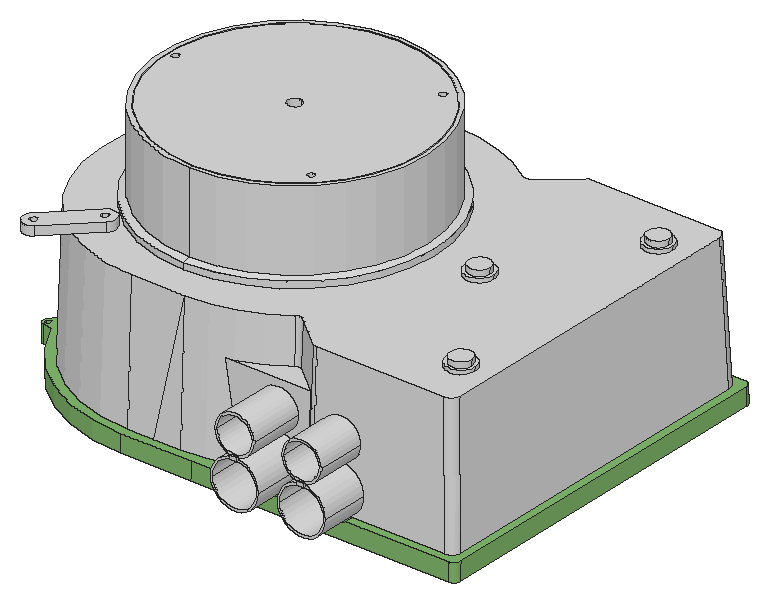
Revit family "E_Cable Junction Box_F_MEPcontent_Spelsberg_IBTronic XL Drillbox 150_INT-EN", category Electrical Fixtures, host Face, Revit 2017
Family settings
  Host = Face
  Maintain Annotation Orientation = Yes
  Round Connector Dimension = Use Diameter
  Part Type = Junction Box
  OmniClass Number = 23.80.30.14.24
  OmniClass Title = Junction Boxes
  Cut with Voids When Loaded = No
  Shared = No
  Room Calculation Point = No
Parameters (values of type "IBTronic XL Drillbox 150")
  Width = 252 mm
  Voltage = 230 V  # constant formula
  URL = ""
  Side Offset = 2.2 mm
  Side Distance = 11.3 mm
  Rotation W-Axis Total [instance] = [Rotation W-Axis Correction] + [Rotation W-Axis]  # 0.00°
  Rotation W-Axis Default Correction = 0.00°
  Rotation W-Axis Correction = 0.00°
  Rotation W-Axis [instance] = 0.00°
  Rotation V-Axis Total [instance] = [Rotation V-Axis Correction] + [Rotation V-Axis]  # 0.00°
  Rotation V-Axis Default Correction = 0.00°
  Rotation V-Axis Correction = 0.00°
  Rotation V-Axis [instance] = 0.00°
  Rotation U-Axis Total [instance] = [Rotation U-Axis Correction] + [Rotation U-Axis]  # 0.00°
  Rotation U-Axis Default Correction = 0.00°
  Rotation U-Axis Correction = 0.00°
  Rotation U-Axis [instance] = 0.00°
  Revit Version = "2017"  # constant formula
  Product Line = "Spelsberg"  # constant formula
  Power [instance] = 0 VA
  Placeholder Height [instance] = if(or(Bottom Offset < 50 mm, Bottom Offset = 50 mm), 45 mm, if(or(Bottom Offset = 75 mm, Bottom Offset > 75 mm), 70 mm, Bottom Offset - 5 mm))  # 45 mm
  Model = "IBTronic XL Drillbox 150"
  Manufacturer URL = "http://www.spelsberg.com/p/97680401"
  Manufacturer Art. No. = "97680401"
  Manufacturer = "Spelsberg"  # constant formula
  Length = 280 mm
  IFCExportType = "NOTDEFINED"  # constant formula
  IFCExportAs = "IfcJunctionBox"  # constant formula
  Height = 92 mm
  ETIM Article Class = "EC000414"  # constant formula
  Description = "Enclosure IBTronic XL Drillbox"
  Default Elevation = 0 mm
  Conduit Diameter 2 = 25 mm
  Conduit Diameter 1 = 20 mm
  Bottom Offset [instance] = 50 mm
  Article Type = "IBTronic XL Drillbox 150"
  Article Description = "Enclosure IBTronic XL Drillbox"
  3D Representation = 3DGeometry : 3DGeometry
Types (2, lengths in mm): name | Side Offset | Side Distance | Model | Manufacturer Art. No. | Description | Conduit Diameter 2 | Conduit Diameter 1 | Bottom Offset | Article Type | Article Description
  IBTronic XL Drillbox 150 | 2.2 | 11.3 | "IBTronic XL Drillbox 150" | "97680401" | "Enclosure IBTronic XL Drillbox" | 25 | 20 | 50 | "IBTronic XL Drillbox 150" | "Enclosure IBTronic XL Drillbox"
  IBTronic XL Drillbox 150 E | 6 | 11.8 | "IBTronic XL Drillbox 150 E" | "97680402" | "Enclosure IBTronic XL Drillbox E" | 19 | 16 | 0 | "IBTronic XL Drillbox 150 E" | "Enclosure IBTronic XL Drillbox E"
Reference planes
  plane 1 "Center (Front/Back)": y = 0
  plane 2: z = 0
  plane 3 "Center (Left/Right)": x = 0
  plane 4: y = 105
  plane 5: y = -105
  plane 6: x = 66.5
  plane 7: x = 104.5
Dimensions and locks
  plane 5 to plane 1 "Center (Front/Back)" to plane 4 = 105 mm locked, 105 mm locked
  aligned and locked: plane 2 to host face
  aligned and locked: level to host face
Nested families
  nested 1: "3DGeometry" at (-0.354, -2.223, -45) x (1, 0, 0) z (0, 0, -1), type <- "3D Representation", Bottom Offset <- "Bottom Offset", Conduit Diameter 1 <- "Conduit Diameter 1", Conduit Diameter 2 <- "Conduit Diameter 2", Side <- "Side Offset", type "3DGeometry"
    with Side 2.2 mm, Conduit Outer Diameter 2 27.2 mm, Conduit Outer Diameter 1 22.2 mm, Conduit Diameter 2 25 mm, Conduit Diameter 1 20 mm, Bottom Offset Safe 50 mm, Bottom Offset 50 mm
  nested 2: "GeometryPlaceholder" at (0, 0, 0), Rotation v-axis <- "Rotation V-Axis Total", Rotation w-axis <- "Rotation W-Axis Total", Rotation u-axis <- "Rotation U-Axis Total", Height <- "Placeholder Height", type "GeometryPlaceholder", not visible
    with Width 10 mm, Rotation w-axis 0.00°, Rotation v-axis 0.00°, Rotation u-axis 0.00°, ModelBaseAngle 0.00°, Length 10 mm, Height 45 mm
Connectors
  cabletrayconduit at (66.146, 102.777, -90.007), diameter 20, driven by "Conduit Diameter 1"
    settings: on nested 1, index 3, connector width 300 mm, connector height 300 mm, connector angle 0.00°, system type 32, placement type 0, profile type 0, connector reference index -1, is primary connector yes, connector utility param no, connector description "Conduit Individual Connector1"
  cabletrayconduit at (104.146, 102.777, -90.007), diameter 20, driven by "Conduit Diameter 1"
    settings: on nested 1, index 4, connector width 300 mm, connector height 300 mm, connector angle 0.00°, system type 32, placement type 0, profile type 0, connector reference index -1, is primary connector no, connector utility param no, connector description "Conduit Individual Connector2"
  cabletrayconduit at (104.146, -107.223, -90.007), diameter 20, driven by "Conduit Diameter 1"
    settings: on nested 1, index 5, connector width 300 mm, connector height 300 mm, connector angle 0.00°, system type 32, placement type 0, profile type 0, connector reference index -1, is primary connector no, connector utility param no, connector description "Conduit Individual Connector3"
  cabletrayconduit at (66.146, -107.223, -90.007), diameter 20, driven by "Conduit Diameter 1"
    settings: on nested 1, index 6, connector width 300 mm, connector height 300 mm, connector angle 0.00°, system type 32, placement type 0, profile type 0, connector reference index -1, is primary connector no, connector utility param no, connector description "Conduit Individual Connector4"
  cabletrayconduit at (66.146, 102.777, -115), diameter 25, driven by "Conduit Diameter 2"
    settings: on nested 1, index 7, connector width 300 mm, connector height 300 mm, connector angle 0.00°, system type 32, placement type 0, profile type 0, connector reference index -1, is primary connector no, connector utility param no, connector description "Conduit Individual Connector5"
  cabletrayconduit at (104.146, 102.777, -115), diameter 25, driven by "Conduit Diameter 2"
    settings: on nested 1, index 8, connector width 300 mm, connector height 300 mm, connector angle 0.00°, system type 32, placement type 0, profile type 0, connector reference index -1, is primary connector no, connector utility param no, connector description "Conduit Individual Connector6"
  cabletrayconduit at (104.146, -107.223, -115), diameter 25, driven by "Conduit Diameter 2"
    settings: on nested 1, index 9, connector width 300 mm, connector height 300 mm, connector angle 0.00°, system type 32, placement type 0, profile type 0, connector reference index -1, is primary connector no, connector utility param no, connector description "Conduit Individual Connector7"
  cabletrayconduit at (66.146, -107.223, -115), diameter 25, driven by "Conduit Diameter 2"
    settings: on nested 1, index 10, connector width 300 mm, connector height 300 mm, connector angle 0.00°, system type 32, placement type 0, profile type 0, connector reference index -1, is primary connector no, connector utility param no, connector description "Conduit Individual Connector8"
Definition of nested family "3DGeometry"
  Parameters (values of type "3DGeometry")
    White = none
    Type Comments = "﻿﻿ ﻿ ﻿﻿﻿﻿﻿﻿             ﻿     ﻿                ﻿  ﻿  ﻿​     ​​  ​​   ​​   ﻿﻿     ​      ​​  ​​      ﻿    ﻿﻿        ﻿ ﻿          ﻿﻿"
    Side Offset = 11.3 mm
    Side [instance] = 2.5 mm
    Keynote = "﻿﻿ ﻿ ﻿﻿﻿﻿﻿﻿             ﻿     ﻿                ﻿  ﻿  ﻿​     ​​  ​​   ​​   ﻿﻿     ​      ​​  ​​      ﻿    ﻿﻿        ﻿ ﻿          ﻿﻿"
    Green = none
    Conduit Outer Diameter 2 [instance] = Conduit Diameter 2 + 2.2 mm  # 27.2 mm
    Conduit Outer Diameter 1 [instance] = Conduit Diameter 1 + 2.2 mm  # 22.2 mm
    Conduit Diameter 2 [instance] = 25 mm
    Conduit Diameter 1 [instance] = 20 mm
    Bottom Offset [instance] = 50 mm
    Description = "﻿﻿ ﻿ ﻿﻿﻿﻿﻿﻿             ﻿     ﻿                ﻿  ﻿  ﻿​     ​​  ​​   ​​   ﻿﻿     ​      ​​  ​​      ﻿    ﻿﻿        ﻿ ﻿          ﻿﻿"
    Default Elevation = 0 mm
    Bottom Offset Safe [instance] = if(Bottom Offset < 50 mm, 50 mm, if(Bottom Offset > 75 mm, 75 mm, Bottom Offset))  # 50 mm
    Assembly Code = "﻿﻿ ﻿ ﻿﻿﻿﻿﻿﻿             ﻿     ﻿                ﻿  ﻿  ﻿​     ​​  ​​   ​​   ﻿﻿     ​      ​​  ​​      ﻿    ﻿﻿        ﻿ ﻿          ﻿﻿"
  Reference planes
    plane 1 "Center (Front/Back)": y = 0
    plane 2: z = 0
    plane 3 "Center (Left/Right)": x = 0
    plane 4: through (-99.791, 45.102, 1135) normal (0.4226, 0.9063, 0)
    plane 5: through (-99.791, -45.102, 1135) normal (-0.4226, 0.9063, 0)
    plane 6: x = 66.5
    plane 7: x = 104.5
    plane 8: z = 70
    plane 9: z = 45.007
    plane 10: z = -45
    plane 11: z = 5
    plane 12: x = -105
    plane 13: x = 175
    plane 14: z = -32.5
    plane 15: z = 56.307
    plane 16: z = 57.557
    plane 17: z = 55.057
  Forms (mm)
    Extrusion 1, solid
      sketch origin (0, 0, 0) x (1, 0, 0) y (0, 1, 0)
        loop
          line (-1219.2, 1219.2) -> (-1219.2, -1219.2) -> (1219.2, -1219.2) -> (1219.2, 1219.2) -> (-1219.2, 1219.2)
      from 0 to -304.8
    Extrusion 2, solid, material <- "Green", detail levels fine
      sketch origin (25, 35.905, 77.282) x (-1, 0, 0) y (0, 1, 0)
        loop
          arc (-146.04, 69.095) -> (-148.84, 67.935) -> (-150, 65.135) r 3.96
          line (-150, 65.135) -> (-150, -136.945)
          arc (-150, -136.945) -> (-148.84, -139.745) -> (-146.04, -140.905) r 3.96
          line (-146.04, -140.905) -> (39.969, -140.905)
          arc (39.969, -140.905) -> (88.989, -126.389) -> (122.203, -87.524) r 90.031
          arc (122.203, -87.524) -> (122.717, -86.78) -> (123.516, -86.356) r 1.914
          line (123.516, -86.356) -> (128.333, -85.433)
          arc (128.333, -85.433) -> (130.678, -83.314) -> (130, -80.228) r 3.147
          line (130, -80.228) -> (127.523, -75.828)
          arc (127.523, -75.828) -> (127.125, -74.459) -> (127.23, -73.036) r 4.026
          arc (127.23, -73.036) -> (129.32, -62.043) -> (130, -50.874) r 88.148
          line (130, -50.874) -> (130, -20.936)
          arc (130, -20.936) -> (129.305, -9.768) -> (127.23, 1.226) r 90.031
          arc (127.23, 1.226) -> (127.125, 2.649) -> (127.523, 4.018) r 4.026
          line (127.523, 4.018) -> (130, 8.642)
          arc (130, 8.642) -> (130.517, 11.523) -> (128.333, 13.473) r 3
          line (128.333, 13.473) -> (123.516, 14.546)
          arc (123.516, 14.546) -> (122.717, 14.97) -> (122.203, 15.714) r 1.914
          arc (122.203, 15.714) -> (88.989, 54.58) -> (39.969, 69.095) r 90.031
          line (39.969, 69.095) -> (0, 69.095) -> (-146.04, 69.095)
        loop
          circle (127.681, 10.545) r 1.5
        loop
          circle (127.681, -82.355) r 1.5
      from -14.718 to -4.718
    Revolve 3, solid, material <- "White", detail levels fine
      sketch origin (0, 0, 128.408) x (0, 1, 0) y (0, 0, 1)
        loop
          line (-75, -173.408) -> (-72.5, -173.408) -> (-72.5, -123.408) -> (-78.883, -123.408) -> (-78.883, -127.025) -> (-75, -128.25) -> (-75, -173.408)
        axis (0, -173.408) -> (0, -123.408)
      angle from 0 to 360
    Blend 4, solid, material <- "White", detail levels fine
      base sketch origin (0, 35.905, 77.408) x (-1, 0, 0) y (0, -1, 0)
        loop
          line (-15, -61.095) -> (15, -61.095)
          arc (15, -61.095) -> (72.983, -37.078) -> (97, 20.905) r 82
          line (97, 20.905) -> (97, 35.905) -> (97, 50.905)
          arc (97, 50.905) -> (72.983, 108.888) -> (15, 132.905) r 82
          line (15, 132.905) -> (-15, 132.905)
          arc (-15, 132.905) -> (-40.837, 128.728) -> (-64.043, 116.623) r 82
          arc (-64.043, 116.623) -> (-66.461, 115.934) -> (-68.917, 116.47) r 5.159
          line (-68.917, 116.47) -> (-87.866, 132.405)
          arc (-87.866, 132.405) -> (-88.766, 132.778) -> (-89.732, 132.905) r 3.732
          line (-89.732, 132.905) -> (-162, 132.905)
          arc (-162, 132.905) -> (-165.536, 131.44) -> (-167, 127.905) r 5
          line (-167, 127.905) -> (-167, -56.095)
          arc (-167, -56.095) -> (-165.536, -59.631) -> (-162, -61.095) r 5
          line (-162, -61.095) -> (-89.726, -61.095)
          arc (-89.726, -61.095) -> (-88.76, -60.968) -> (-87.86, -60.595) r 3.732
          line (-87.86, -60.595) -> (-68.89, -44.633)
          arc (-68.89, -44.633) -> (-66.503, -44.013) -> (-64.145, -44.736) r 4.529
          arc (-64.145, -44.736) -> (-40.898, -56.898) -> (-15, -61.095) r 82
      top sketch origin (0, 35.905, 77.408) x (-1, 0, 0) y (0, -1, 0)
        loop
          arc (15, -64.095) -> (75.104, -39.199) -> (100, 20.905) r 85
          line (100, 20.905) -> (100, 35.905) -> (100, 50.905)
          arc (100, 50.905) -> (75.104, 111.009) -> (15, 135.905) r 85
          line (15, 135.905) -> (0, 135.905) -> (-15, 135.905)
          arc (-15, 135.905) -> (-41.783, 131.575) -> (-65.837, 119.027) r 85
          arc (-65.837, 119.027) -> (-66.534, 118.738) -> (-67.231, 119.027) r 0.986
          line (-67.231, 119.027) -> (-85.982, 134.764)
          arc (-85.982, 134.764) -> (-87.772, 135.613) -> (-89.732, 135.905) r 6.732
          line (-89.732, 135.905) -> (-165, 135.905)
          arc (-165, 135.905) -> (-168.536, 134.44) -> (-170, 130.905) r 5
          line (-170, 130.905) -> (-170, -59.095)
          arc (-170, -59.095) -> (-168.536, -62.631) -> (-165, -64.095) r 5
          line (-165, -64.095) -> (-89.726, -64.095)
          arc (-89.726, -64.095) -> (-87.766, -63.804) -> (-85.977, -62.954) r 6.732
          line (-85.977, -62.954) -> (-67.231, -47.217)
          arc (-67.231, -47.217) -> (-66.534, -46.928) -> (-65.837, -47.217) r 0.986
          arc (-65.837, -47.217) -> (-41.783, -59.765) -> (-15, -64.095) r 85
          line (-15, -64.095) -> (0, -64.095) -> (15, -64.095)
      from -72.408 to 4.592
    Extrusion 5, solid, material <- "White", detail levels fine
      sketch origin (0, 0, -45) x (1, 0, 0) y (0, 0, 1)
        loop
          circle (66.5, 90.007) r 11.1
        loop
          circle (66.5, 90.007) r 10
      from 94.355 to 126
    Extrusion 6, solid, material <- "White", detail levels fine
      sketch origin (0, 0, -45) x (1, 0, 0) y (0, 0, 1)
        loop
          circle (104.5, 115) r 13.6
        loop
          circle (104.5, 115) r 12.5
      from 98.216 to 126
    Extrusion 7, solid, material <- "White", detail levels fine
      sketch origin (0, 0, -45) x (1, 0, 0) y (0, 0, 1)
        loop
          circle (66.5, 115) r 13.6
        loop
          circle (66.5, 115) r 12.5
      from 94.355 to 126
    Extrusion 8, solid, material <- "White", detail levels fine
      sketch origin (0, 35.905, 77.408) x (-1, 0, 0) y (0, -1, 0)
        loop
          line (-84.11, 130.259) -> (-67.24, 116.101)
          arc (-67.24, 116.101) -> (-66.543, 115.812) -> (-65.845, 116.101) r 0.986
          arc (-65.845, 116.101) -> (-51.779, 124.614) -> (-36.336, 130.259) r 85
          line (-36.336, 130.259) -> (-84.11, 130.259)
      from -47.408 to 4.592
    Extrusion 9, solid, material <- "White", detail levels fine
      sketch origin (0, 0, -45) x (1, 0, 0) y (0, 0, -1)
        loop
          circle (66.5, -90.007) r 11.1
        loop
          circle (66.5, -90.007) r 10
      from 95 to 126
    Extrusion 10, solid, material <- "White", detail levels fine
      sketch origin (0, 0, -45) x (1, 0, 0) y (0, 0, -1)
        loop
          circle (66.5, -115) r 13.6
        loop
          circle (66.5, -115) r 12.5
      from 95 to 126
    Extrusion 11, solid, material <- "White", detail levels fine
      sketch origin (0, 0, -45) x (1, 0, 0) y (0, 0, -1)
        loop
          circle (104.5, -115) r 13.6
        loop
          circle (104.5, -115) r 12.5
      from 97 to 126
    Extrusion 12, solid, material <- "White", detail levels fine
      sketch origin (0, 0, -45) x (1, 0, 0) y (0, 0, 1)
        loop
          circle (104.5, 90.007) r 11.1
        loop
          circle (104.5, 90.007) r 10
      from -126 to -95.5
    Extrusion 13, solid, material <- "White", detail levels fine
      sketch origin (0, 35.905, 77.408) x (-1, 0, 0) y (0, -1, 0)
        loop
          circle (-150, -34.005) r 6
        loop
          circle (-150, 105.815) r 6
        loop
          circle (-104.5, 35.905) r 6
      from -77.408 to -74.408
    Extrusion 14, solid, material <- "White", detail levels fine
      sketch origin (0, 35.905, 77.408) x (-1, 0, 0) y (0, -1, 0)
        loop
          circle (-150, -34.005) r 8
        loop
          circle (-150, 105.815) r 8
        loop
          circle (-104.5, 35.905) r 8
      from -74.408 to -72.408
    Extrusion 15, solid, material <- "White", detail levels fine
      sketch origin (0.315, -35.259, 77.408) x (1, 0, 0) y (0, 1, 0)
        loop
          line (84.11, 130.259) -> (36.336, 130.259)
          arc (36.336, 130.259) -> (51.779, 124.614) -> (65.845, 116.101) r 85
          arc (65.845, 116.101) -> (66.543, 115.812) -> (67.24, 116.101) r 0.986
          line (67.24, 116.101) -> (84.11, 130.259)
      from -47.408 to 4.592
    Extrusion 16, solid, material <- "White", detail levels fine
      sketch origin (0, 0, -45) x (1, 0, 0) y (0, 0, 1)
        loop
          circle (104.5, 90.007) r 11.1
        loop
          circle (104.5, 90.007) r 10
      from 95.5 to 126
    Extrusion 17, void
      sketch origin (-370.203, -105, 1155) x (1, 0, 0) y (0, 0, 1)
        loop
          line (429.492, -1073) -> (443.914, -1073) -> (445.152, -1073)
          arc (445.152, -1073) -> (436.751, -1070.427) -> (428.35, -1073) r 15
          line (428.35, -1073) -> (429.492, -1073)
      from -210 to 0
    Extrusion 18, void
      sketch origin (-332.203, -105, 1155) x (1, 0, 0) y (0, 0, 1)
        loop
          arc (445.152, -1073) -> (436.751, -1070.427) -> (428.35, -1073) r 15
          line (428.35, -1073) -> (445.152, -1073)
      from -210 to 0
    Extrusion 19, solid, material <- "White", detail levels fine
      sketch origin (104.5, -1524, 146.212) x (0, 0, 1) y (0, -1, 0)
        loop
          line (-88.655, -1398) -> (-88.655, -1397) -> (-91.155, -1397) -> (-91.155, -1651) -> (-88.655, -1651) -> (-88.655, -1398)
      from -2 to 2
    Extrusion 20, solid, material <- "White", detail levels fine
      sketch origin (66.5, -1524, 146.212) x (0, 0, 1) y (0, -1, 0)
        loop
          line (-91.155, -1397) -> (-91.155, -1651) -> (-88.655, -1651) -> (-88.655, -1397) -> (-91.155, -1397)
      from -2 to 2
    Extrusion 21, solid, detail levels coarse+medium
      sketch origin (0, 0, 0) x (1, 0, 0) y (0, 1, 0)
        loop
          circle (0, 0) r 75
      from 5 to -45
    Extrusion 22, solid, detail levels coarse+medium
      sketch origin (-97, -4572, 5) x (0, -1, 0) y (-1, 0, 0)
        loop
          line (-4677, -272) -> (-4467, -272) -> (-4467, -82.031)
          arc (-4467, -82.031) -> (-4483.467, -30.128) -> (-4526.844, 2.789) r 90.031
          arc (-4526.844, 2.789) -> (-4541.714, 6.688) -> (-4557.031, 8) r 90.031
          line (-4557.031, 8) -> (-4586.969, 8)
          arc (-4586.969, 8) -> (-4602.286, 6.688) -> (-4617.156, 2.789) r 90.031
          arc (-4617.156, 2.789) -> (-4660.533, -30.128) -> (-4677, -82.031) r 90.031
          line (-4677, -82.031) -> (-4677, -122) -> (-4677, -272)
      from 0 to -87
    Extrusion 23, solid, material <- "White", detail levels fine
      sketch origin (-77.5, -4572, -45) x (0, -1, 0) y (-1, 0, 0)
        loop
          circle (-4572, -77.5) r 72.5
        loop
          circle (-4572, -77.5) r 4
        loop
          circle (-4572, -9.631) r 2
        loop
          circle (-4618.598, -124.098) r 2
        loop
          circle (-4525.402, -124.098) r 2
      from 0 to -12.5
    Extrusion 24, solid, material <- "White", detail levels fine
      sketch origin (0, 0, 0) x (1, 0, 0) y (0, 1, 0)
        loop
          line (-56.335, -65.273) -> (-78.869, -87.807)
          arc (-78.869, -87.807) -> (-78.869, -96.242) -> (-70.434, -96.242) r 5.965
          line (-70.434, -96.242) -> (-47.9, -73.708)
          arc (-47.9, -73.708) -> (-47.9, -65.273) -> (-56.335, -65.273) r 5.965
        loop
          circle (-52.117, -69.49) r 2
        loop
          circle (-74.651, -92.024) r 2
        loop
          arc (-56.335, 65.273) -> (-47.9, 65.273) -> (-47.9, 73.708) r 5.965
          line (-47.9, 73.708) -> (-70.434, 96.242)
          arc (-70.434, 96.242) -> (-78.869, 96.242) -> (-78.869, 87.807) r 5.965
          line (-78.869, 87.807) -> (-56.335, 65.273)
        loop
          circle (-52.117, 69.49) r 2
        loop
          circle (-74.651, 92.024) r 2
      from 0 to 5
    Extrusion 25, solid, detail levels coarse+medium
      sketch origin (0, 0, 0) x (1, 0, 0) y (0, 0, 1)
        loop
          circle (66.5, 70) r 13.6
        loop
          circle (104.5, 70) r 13.6
        loop
          circle (66.5, 45.007) r 11.1
        loop
          circle (104.5, 45.007) r 11.1
      from -105 to 105
  Cuts and joins
    Extrusion 17, Extrusion 18 cuts Extrusion 2
  Dimensions and locks
    Extrusion 11 to Extrusion 6 = 252 mm
    cut or joined group of Extrusion 2, Extrusion 17, Extrusion 18 to Blend 4 = 87 mm
    plane 6 to plane 3 "Center (Left/Right)" = 66.5 mm
    plane 6 to plane 7 = 38 mm
    plane 9 to Blend 4 = 40.007 mm
    plane 8 to plane 9 = 24.993 mm
    locked: plane 11 to plane 2 at 5
    "Bottom Offset Safe": plane 11 to plane 10
    plane 12 to plane 13 = 280 mm
    cut or joined group of Extrusion 2, Extrusion 17, Extrusion 18 to cut or joined group of Extrusion 2, Extrusion 17, Extrusion 18 = 210 mm
    locked: plane 14 to plane 10 at 12.5
    "Side Offset": plane 15 to plane 9
    equal spacing: plane 16, plane 15, plane 17
    "Side": plane 16 to plane 17
    radius of Extrusion 13 sketch curve = 6 mm  (x3)
    radius of Extrusion 14 sketch curve = 8 mm  (x2)
    "Conduit Diameter 2": diameter of Extrusion 7 sketch curve
    "Conduit Diameter 2": diameter of Extrusion 6 sketch curve
    "Conduit Diameter 2": diameter of Extrusion 10 sketch curve
    "Conduit Diameter 2": diameter of Extrusion 11 sketch curve
    "Conduit Diameter 1": diameter of Extrusion 5 sketch curve
    "Conduit Diameter 1": diameter of Extrusion 9 sketch curve
    "Conduit Diameter 1": diameter of Extrusion 16 sketch curve
    "Conduit Diameter 1": diameter of Extrusion 12 sketch curve
    "Conduit Outer Diameter 2": diameter of Extrusion 7 sketch curve
    "Conduit Outer Diameter 2": diameter of Extrusion 6 sketch curve
    "Conduit Outer Diameter 1": diameter of Extrusion 16 sketch curve
    "Conduit Outer Diameter 1": diameter of Extrusion 5 sketch curve
    "Conduit Outer Diameter 2": diameter of Extrusion 11 sketch curve
    "Conduit Outer Diameter 2": diameter of Extrusion 10 sketch curve
    "Conduit Outer Diameter 1": diameter of Extrusion 9 sketch curve
    "Conduit Outer Diameter 1": diameter of Extrusion 12 sketch curve
    "Conduit Outer Diameter 2": diameter of Extrusion 25 sketch curve  (x2)
    "Conduit Outer Diameter 1": diameter of Extrusion 25 sketch curve  (x2)
    aligned and locked: plane 2 to Extrusion 1
    aligned and locked: level to Extrusion 1
    aligned and locked: Extrusion 5 to Extrusion 8
    aligned and locked: Extrusion 10 to Extrusion 9  (x2)
    aligned and locked: Extrusion 7 to Extrusion 5  (x2)
    aligned and locked: Extrusion 5 to Extrusion 6
    aligned and locked: Extrusion 13 to Extrusion 14
    aligned and locked: Extrusion 11 to Extrusion 12
    aligned and locked: Blend 4 to Extrusion 11
    aligned and locked: Extrusion 10 to Extrusion 15
    aligned and locked: Extrusion 5 to Extrusion 16
    aligned and locked: Extrusion 7 to Extrusion 6
    aligned and locked: Extrusion 6 to Extrusion 16
    aligned and locked: Blend 4 to Extrusion 8
    aligned and locked: Extrusion 23 to plane 14
    aligned and locked: plane 16 to Extrusion 20
    aligned and locked: Extrusion 20 to plane 17
    aligned and locked: plane 16 to Extrusion 19
    aligned and locked: Extrusion 19 to plane 17
    aligned and locked: plane 10 to Extrusion 21
  Automatic sketch dimensions
    Extrusion 1 sketch curve to Extrusion 1 sketch curve = 2438.4 mm  (x2)
    plane 1 "Center (Front/Back)" to Blend 4 sketch curve = 0 mm  (x2)
    Blend 4 sketch curve to plane 7 = 62.5 mm
    Blend 4 sketch curve to Blend 4 sketch curve = 5 mm  (x3)
    plane 7 to Blend 4 sketch curve = 14.768 mm
    plane 7 to Blend 4 sketch curve = 14.774 mm
    Blend 4 sketch curve to Blend 4 sketch curve = 1.866 mm  (x2)
    Blend 4 sketch curve to plane 6 = 2.417 mm
    Blend 4 sketch curve to plane 6 = 2.39 mm
    Blend 4 sketch curve to plane 6 = 0.122 mm
    Blend 4 sketch curve to plane 6 = 0.101 mm
    plane 3 "Center (Left/Right)" to Blend 4 sketch curve = 15 mm  (x3)
    Blend 4 sketch curve to plane 3 "Center (Left/Right)" = 15 mm  (x3)
    plane 1 "Center (Front/Back)" to Blend 4 sketch curve = 15 mm  (x4)
    Blend 4 sketch curve to Blend 4 sketch curve = 82 mm
    Blend 4 sketch curve to plane 1 "Center (Front/Back)" = 15 mm  (x4)
    Blend 4 sketch curve to Blend 4 sketch curve = 16.462 mm
    Blend 4 sketch curve to Blend 4 sketch curve = 3.909 mm
    Blend 4 sketch curve to plane 1 "Center (Front/Back)" = 92 mm
    Blend 4 sketch curve to Blend 4 sketch curve = 3.732 mm  (x2)
    Blend 4 sketch curve to Blend 4 sketch curve = 16.435 mm
    Blend 4 sketch curve to Blend 4 sketch curve = 4.62 mm
    plane 1 "Center (Front/Back)" to Blend 4 sketch curve = 92 mm
    Blend 4 sketch curve to plane 3 "Center (Left/Right)" = 0 mm  (x2)
    Blend 4 sketch curve to Blend 4 sketch curve = 15 mm  (x2)
    Blend 4 sketch curve to plane 6 = 0.034 mm  (x2)
    Blend 4 sketch curve to plane 6 = 0.731 mm  (x2)
    plane 7 to Blend 4 sketch curve = 18.523 mm
    plane 7 to Blend 4 sketch curve = 18.518 mm
    Blend 4 sketch curve to Blend 4 sketch curve = 3.749 mm  (x2)
    Blend 4 sketch curve to plane 7 = 60.5 mm  (x2)
    Blend 4 sketch curve to Blend 4 sketch curve = 85 mm
    Blend 4 sketch curve to Blend 4 sketch curve = 16.878 mm  (x2)
    Blend 4 sketch curve to Blend 4 sketch curve = 0.697 mm  (x2)
    Blend 4 sketch curve to Blend 4 sketch curve = 10.146 mm  (x2)
    Blend 4 sketch curve to Blend 4 sketch curve = 1.732 mm  (x2)
    Extrusion 8 sketch curve to plane 6 = 17.61 mm
    Extrusion 8 sketch curve to plane 6 = 0.74 mm
    Extrusion 8 sketch curve to plane 6 = 0.043 mm
    plane 6 to Extrusion 8 sketch curve = 30.164 mm
    plane 3 "Center (Left/Right)" to Extrusion 8 sketch curve = 15.008 mm
    plane 1 "Center (Front/Back)" to Extrusion 8 sketch curve = 12.074 mm
    plane 1 "Center (Front/Back)" to Extrusion 8 sketch curve = 80.196 mm
    Extrusion 8 sketch curve to Extrusion 8 sketch curve = 0.697 mm
    Extrusion 8 sketch curve to Extrusion 8 sketch curve = 13.461 mm
    plane 1 "Center (Front/Back)" to Extrusion 13 sketch curve = 0 mm
    Extrusion 13 sketch curve to plane 7 = 0 mm
    Extrusion 13 sketch curve to plane 7 = 45.5 mm  (x2)
    Extrusion 13 sketch curve to plane 1 "Center (Front/Back)" = 69.91 mm
    plane 1 "Center (Front/Back)" to Extrusion 13 sketch curve = 69.91 mm
    plane 1 "Center (Front/Back)" to Extrusion 14 sketch curve = 0 mm
    Extrusion 14 sketch curve to plane 7 = 0 mm
    Extrusion 14 sketch curve to plane 7 = 45.5 mm  (x2)
    Extrusion 14 sketch curve to plane 1 "Center (Front/Back)" = 69.91 mm
    plane 1 "Center (Front/Back)" to Extrusion 14 sketch curve = 69.91 mm
    plane 3 "Center (Left/Right)" to Extrusion 15 sketch curve = 15.323 mm
    plane 6 to Extrusion 15 sketch curve = 29.849 mm
    Extrusion 15 sketch curve to plane 6 = 0.357 mm
    Extrusion 15 sketch curve to Extrusion 15 sketch curve = 0.697 mm  (x2)
    Extrusion 15 sketch curve to plane 6 = 17.925 mm
    Extrusion 15 sketch curve to plane 1 "Center (Front/Back)" = 12.719 mm
    Extrusion 15 sketch curve to plane 1 "Center (Front/Back)" = 80.841 mm
    Extrusion 15 sketch curve to Extrusion 15 sketch curve = 13.461 mm
    Extrusion 18 sketch curve to plane 7 = 8.448 mm
    Extrusion 18 sketch curve to plane 7 = 0.047 mm
    Extrusion 18 sketch curve to plane 8 = 0.427 mm
    plane 8 to Extrusion 18 sketch curve = 12 mm
    plane 6 to Extrusion 17 sketch curve = 7.211 mm
    Extrusion 17 sketch curve to Extrusion 17 sketch curve = 1.142 mm
    Extrusion 17 sketch curve to plane 6 = 0.047 mm
    Extrusion 17 sketch curve to plane 8 = 0.427 mm
    plane 8 to Extrusion 17 sketch curve = 12 mm
    Extrusion 17 sketch curve to Extrusion 17 sketch curve = 1.237 mm
    plane 1 "Center (Front/Back)" to Extrusion 21 sketch curve = 0 mm
    Extrusion 21 sketch curve to plane 3 "Center (Left/Right)" = 0 mm
    Extrusion 2 sketch curve to Extrusion 2 sketch curve = 0 mm  (x6)
    Extrusion 2 sketch curve to plane 13 = 0 mm
    plane 5 to Extrusion 2 sketch curve = 0 mm
    Extrusion 2 sketch curve to plane 4 = 0 mm
    Extrusion 2 sketch curve to plane 12 = 0 mm  (x3)
    Extrusion 2 sketch curve to Extrusion 2 sketch curve = 3.96 mm
    plane 13 to Extrusion 2 sketch curve = 3.96 mm
    plane 3 "Center (Left/Right)" to Extrusion 2 sketch curve = 25 mm
    Extrusion 2 sketch curve to plane 3 "Center (Left/Right)" = 14.969 mm  (x2)
    Extrusion 2 sketch curve to Extrusion 2 sketch curve = 1.883 mm
    Extrusion 2 sketch curve to plane 12 = 6.484 mm  (x2)
    Extrusion 2 sketch curve to Extrusion 2 sketch curve = 0.473 mm  (x2)
    Extrusion 2 sketch curve to plane 12 = 2.477 mm  (x2)
    Extrusion 2 sketch curve to plane 12 = 2.319 mm  (x2)
    Extrusion 2 sketch curve to plane 12 = 1.667 mm  (x2)
    plane 12 to Extrusion 2 sketch curve = 1.129 mm  (x2)
    Extrusion 2 sketch curve to Extrusion 2 sketch curve = 2.928 mm
    Extrusion 2 sketch curve to Extrusion 2 sketch curve = 1.073 mm
    Extrusion 2 sketch curve to Extrusion 2 sketch curve = 1.854 mm  (x2)
    Extrusion 2 sketch curve to plane 1 "Center (Front/Back)" = 101.04 mm
    Extrusion 2 sketch curve to Extrusion 2 sketch curve = 4.623 mm
    Extrusion 2 sketch curve to Extrusion 2 sketch curve = 1.79 mm
    Extrusion 2 sketch curve to plane 1 "Center (Front/Back)" = 14.969 mm
    plane 1 "Center (Front/Back)" to Extrusion 2 sketch curve = 14.969 mm  (x2)
    Extrusion 2 sketch curve to Extrusion 2 sketch curve = 0.235 mm
    Extrusion 2 sketch curve to Extrusion 2 sketch curve = 8.317 mm
    Extrusion 2 sketch curve to Extrusion 2 sketch curve = 2.792 mm
    Extrusion 2 sketch curve to Extrusion 2 sketch curve = 2.127 mm
    Extrusion 2 sketch curve to Extrusion 2 sketch curve = 0.923 mm
    Extrusion 2 sketch curve to Extrusion 2 sketch curve = 89.795 mm
    Extrusion 24 sketch curve to Extrusion 24 sketch curve = 0 mm  (x8)
    Extrusion 24 sketch curve to plane 12 = 26.131 mm  (x2)
    Extrusion 24 sketch curve to Extrusion 24 sketch curve = 4.218 mm  (x12)
    Extrusion 24 sketch curve to Extrusion 24 sketch curve = 22.534 mm  (x4)
    plane 1 "Center (Front/Back)" to Extrusion 24 sketch curve = 96.242 mm
    Extrusion 24 sketch curve to plane 1 "Center (Front/Back)" = 65.273 mm
    plane 9 to Extrusion 19 sketch curve = 10.05 mm
    Extrusion 19 sketch curve to Extrusion 19 sketch curve = 2.5 mm
    Extrusion 19 sketch curve to plane 1 "Center (Front/Back)" = 127 mm
    Extrusion 19 sketch curve to Extrusion 19 sketch curve = 253 mm
    Extrusion 19 sketch curve to Extrusion 19 sketch curve = 1 mm
    plane 9 to Extrusion 20 sketch curve = 10.05 mm
    Extrusion 20 sketch curve to Extrusion 20 sketch curve = 2.5 mm
    Extrusion 20 sketch curve to plane 1 "Center (Front/Back)" = 127 mm
    Extrusion 20 sketch curve to Extrusion 20 sketch curve = 254 mm
    Extrusion 22 sketch curve to Extrusion 22 sketch curve = 0 mm  (x4)
    Extrusion 22 sketch curve to plane 13 = 0 mm
    Extrusion 22 sketch curve to plane 12 = 0 mm
    plane 3 "Center (Left/Right)" to Extrusion 22 sketch curve = 25 mm
    Extrusion 22 sketch curve to plane 1 "Center (Front/Back)" = 105 mm
    Extrusion 22 sketch curve to plane 1 "Center (Front/Back)" = 14.969 mm
    plane 1 "Center (Front/Back)" to Extrusion 22 sketch curve = 14.969 mm
    Extrusion 22 sketch curve to plane 3 "Center (Left/Right)" = 14.969 mm
    Extrusion 22 sketch curve to plane 12 = 5.211 mm  (x2)
    plane 11 to Revolve 3 sketch curve = 0 mm
    plane 10 to Revolve 3 sketch curve = 0 mm
    Revolve 3 sketch curve to plane 1 "Center (Front/Back)" = 0 mm
    plane 1 "Center (Front/Back)" to Revolve 3 sketch curve = 72.5 mm
    Revolve 3 sketch curve to Revolve 3 sketch curve = 2.5 mm
    Revolve 3 sketch curve to Revolve 3 sketch curve = 6.383 mm
    level to Revolve 3 sketch curve = 1.383 mm
    plane 10 to Revolve 3 sketch curve = 2568.066 mm
    level to Revolve 3 sketch curve = 0.158 mm
    plane 8 to Revolve 3 sketch curve = 579.4 mm
    Extrusion 23 sketch curve to Extrusion 23 sketch curve = 0 mm  (x2)
    plane 1 "Center (Front/Back)" to Extrusion 23 sketch curve = 0 mm  (x2)
    Extrusion 23 sketch curve to plane 3 "Center (Left/Right)" = 0 mm
    plane 6 to Extrusion 23 sketch curve = 19.902 mm  (x2)
    Extrusion 23 sketch curve to plane 1 "Center (Front/Back)" = 46.598 mm
    plane 1 "Center (Front/Back)" to Extrusion 23 sketch curve = 46.598 mm
    Extrusion 23 sketch curve to plane 12 = 37.131 mm
    Extrusion 5 sketch curve to Extrusion 5 sketch curve = 0 mm  (x2)
    plane 6 to Extrusion 5 sketch curve = 0 mm
    Extrusion 5 sketch curve to plane 9 = 0 mm
    Extrusion 6 sketch curve to Extrusion 6 sketch curve = 0 mm  (x2)
    plane 7 to Extrusion 6 sketch curve = 0 mm
    Extrusion 6 sketch curve to plane 8 = 0 mm
    Extrusion 7 sketch curve to Extrusion 7 sketch curve = 0 mm  (x2)
    plane 6 to Extrusion 7 sketch curve = 0 mm
    Extrusion 7 sketch curve to plane 8 = 0 mm
    Extrusion 9 sketch curve to Extrusion 9 sketch curve = 0 mm  (x2)
    Extrusion 9 sketch curve to plane 6 = 0 mm
    Extrusion 9 sketch curve to plane 9 = 0 mm
    Extrusion 10 sketch curve to Extrusion 10 sketch curve = 0 mm  (x2)
    Extrusion 10 sketch curve to plane 6 = 0 mm
    Extrusion 10 sketch curve to plane 8 = 0 mm
    Extrusion 11 sketch curve to Extrusion 11 sketch curve = 0 mm  (x2)
    Extrusion 11 sketch curve to plane 7 = 0 mm
    Extrusion 11 sketch curve to plane 8 = 0 mm
    Extrusion 12 sketch curve to Extrusion 12 sketch curve = 0 mm  (x2)
    plane 7 to Extrusion 12 sketch curve = 0 mm
    Extrusion 12 sketch curve to plane 9 = 0 mm
    Extrusion 16 sketch curve to Extrusion 16 sketch curve = 0 mm  (x2)
    plane 7 to Extrusion 16 sketch curve = 0 mm
    Extrusion 16 sketch curve to plane 9 = 0 mm
    Extrusion 25 sketch curve to Extrusion 25 sketch curve = 0 mm  (x4)
    Extrusion 25 sketch curve to plane 9 = 0 mm  (x2)
    plane 6 to Extrusion 25 sketch curve = 0 mm  (x2)
    plane 7 to Extrusion 25 sketch curve = 0 mm  (x2)
    Extrusion 25 sketch curve to plane 8 = 0 mm  (x2)
    radius of Extrusion 14 sketch curve = 8 mm
    radius of Extrusion 21 sketch curve = 75 mm
    radius of Extrusion 2 sketch curve = 1.5 mm  (x2)
    radius of Extrusion 24 sketch curve = 2 mm  (x4)
    radius of Extrusion 23 sketch curve = 72.5 mm
    radius of Extrusion 23 sketch curve = 4 mm
    radius of Extrusion 23 sketch curve = 2 mm  (x3)
